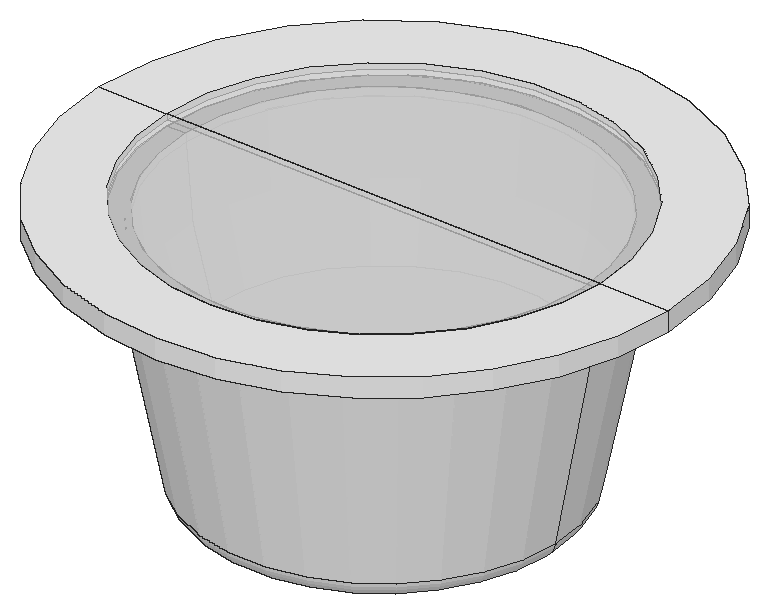
Revit family "2060562+2028036 Sylvania Lighting Fixture ASCENT 100 II ARCH 2700 3K DALI 160 with IP44 Frost Glass", category Lighting Fixtures, host Face, Revit 2016
Family settings
  Host = Face
  Part Type = Normal
  Round Connector Dimension = Use Diameter
  OmniClass Number = 23.80.70.11.17
  OmniClass Title = Specialized Lighting by Location or Use
  Cut with Voids When Loaded = No
  Light Source = Yes
  Shared = No
  Room Calculation Point = No
Parameters (values of type "2060562+2028036 ASCT100 II ARCH 2700 3K DALI 160 with IP44 Frost Glass")
  WidthBezelAcc_SYL = 25.0 mm
  Weight = "1.2 kg"
  Wattage = 21 W
  WarrantyStartDate [instance] = "n/a"
  WarrantyGuarantorParts = "n/a"
  WarrantyDurationUnit = "n/a"
  WarrantyDurationParts = "n/a"
  WarrantyDescription = "n/a"
  built-in parameter 1150110 = 1 (stored number, unit not read)
  Voltage = 0 V
  VisibilityAccessory_SYL = yes
  TypeName = "ASCENT 100 II ARCH 2700 3K DALI 160 with IP44 Frost Glass"
  built-in parameter 1114217 = 1 (stored number, unit not read)
  Tilt Angle = -90°
  built-in parameter 1150109 = 1 (stored number, unit not read)
  built-in parameter 1150134 = (empty or 0)
  built-in parameter 1150113 = 1 (stored number, unit not read)
  SerialNumber [instance] = "n/a"
  ReflectorRadius_SYL = Radius_SYL - 14.5 mm  # 80.0 mm
  RadiusAcc_SYL = 105.0 mm
  Radius_SYL = 94.5 mm
  URL = "http://www.sylvania-lighting.com"
  PowerFactor = 0
  PowerConsumption = "21 W"
  Photometric Web File = "2060562.ies"
  NominalWidth = 0.0 mm
  NominalLength = 0.0 mm
  NominalHeight = 94.0 mm
  Name = "ASCENT 100 II ARCH 2700 3K DALI 160 with IP44 Frost Glass"
  ModelReference = "ASCENT 100 II ARCH 2700 3K DALI 160 with IP44 Frost Glass"
  ModelNumber = "2060562+2028036"
  Material_4_SYL = none
  Material_3_SYL = Polycarbonate_Sylvania_Ascent_Opal
  Material_2_SYL = Aluminium_Sylvania_Ascent_Silver
  Material_1_SYL = Aluminum_Sylvania_Ascent_White
  Material = "aluminium housing, arcylic diffuser"
  ManufacturerName = "Feilo Sylvania"
  LuminousEfficacy = "126 lm/W"
  built-in parameter 1150105 = 210.56 (stored number, unit not read)
  Lumens = 2646 lm
  LuminaireType = ""
  built-in parameter 1150115 = 1 (stored number, unit not read)
  LightOutputRatio = "100"
  built-in parameter 1150137 = (empty or 0)
  built-in parameter 1150139 = (empty or 0)
  LampsType = Lamp  # "LED"
  LampNominalLuminous = "2649 lm"
  LampMacAdamStep = "3"
  LampColourTemperature = "3000 K"
  LampColourRenderingIndex = "80"
  built-in parameter 1150112 = 1 (stored number, unit not read)
  built-in parameter 1150114 = 1 (stored number, unit not read)
  Keynote = "16500"
  InstallationDate [instance] = "n/a"
  InputVoltage = "n/a"
  InputNominalFrequency = "n/a"
  built-in parameter 1150132 = (empty or 0)
  built-in parameter 1150102 = (empty or 0)
  built-in parameter 1150107 = 3000 (stored number, unit not read)
  built-in parameter 1150138 = (empty or 0)
  IngressProtection = "IP44"
  ImpactProtectionIndex = "IK02"
  built-in parameter 1150106 = 2.1056 (stored number, unit not read)
  IfcExportType = "IfcLightFixtureType"
  IfcExportAs = "IfcLightFixtureType"
  Height_SYL = 94.0 mm
  HeightAcc_SYL = 7.0 mm
  ExpectedLife = 50000
  EmittionSurface_SYL = if(VisibilityAccessory_SYL, 7.0 mm, 3.0 mm)  # 7.0 mm
  Emit from Circle Diameter = DiffuserRadius_SYL * 2  # 146.0 mm
  Emit Shape Visible in Rendering = no
  ElectricShockClassification = "Class II"
  built-in parameter 1150104 = 11.706 (stored number, unit not read)
  DurationUnit = "hours"
  DocumentationLiterature = "http://www.sylvania-lighting.com/product/en-int/products/2060562"
  DimmingControlOptions = "n/a"
  Dimming Lamp Color Temperature Shift = <None>
  DiffuserRadius_SYL = ReflectorRadius_SYL - 7.0 mm  # 73.0 mm
  Diameter_SYL = 2 * Radius_SYL  # 189.0 mm
  CutoutDiameter_SYL = Diameter_SYL - 13.0 mm  # 176.0 mm
  CreatedOn = "9/17/2018"
  CreatedBy = "@sylvania-lighting.com"
  Color Filter = 16777215
  built-in parameter 1114216 [instance] = 1 (stored number, unit not read)
  Model = "ASCENT 100 II ARCH 2700 3K DALI 160 with IP44 Frost Glass"
  Manufacturer = "Feilo Sylvania"
  Lamp = "LED"
  Description = "Direct LED retro fit for original LED 100 Arch (160) single CFL lamp offering Matching lumen levels and improved light distribution of original LED 100 CFL lamp equivalents Typically half the power consumption compared to CFL Up to 112lm/W 160mm aperture Architectural reflector accepts range of glass accessories from existing LED 100 Arch 160 offering HE, HO and VHO versions equivalent of single 1 x 18W, 1 x 32W, 1 x 42W\r\n Additional VVHO versions which offer the performance circa 2 x 32W equivalent"  # constant formula
  Default Elevation = 0.0 mm
  built-in parameter 1140040 [instance] = 1
  BarCode [instance] = "n/a"
  built-in parameter 1114218 = 1 (stored number, unit not read)
  built-in parameter 1150133 = 10 (stored number, unit not read)
  AssetType = "Fixed"
  AssetIdentifier [instance] = "n/a"
  Assembly Code = "D5020200"
  Apparent Load = 21 VA
  Aperture_SYL = 2 * ReflectorRadius_SYL  # 160.0 mm
Reference planes
  plane 1 "Center (Front/Back)": y = 0
  plane 2: z = 0
  plane 3 "Center (Left/Right)": x = 0
  plane 4 "Fixture Bottom": z = 3
  plane 5: z = -52.5
  plane 6 "Fixture Top": z = -91
  plane 7: x = -105
  plane 8: z = 7
  plane 9: x = -80
  plane 10: z = 5
  plane 11: x = -103
Forms (mm)
  Extrusion 1, solid, material "Aluminum_Sylvania_Ascent_White", detail levels fine
    sketch origin (0, 0, 0) x (1, 0, 0) y (0, 1, 0)
      loop
        circle (0, 0) r 94.5
      loop
        circle (0, 0) r 80
    from 0 to 3
  Extrusion 2, void
    sketch origin (0, 0, 0) x (1, 0, 0) y (0, 1, 0)
      loop
        circle (0, 0) r 88
    from -91 to 3
  Revolve 3, solid, material "Aluminum_Sylvania_Ascent_White" <- "Material_1_SYL", detail levels fine
    sketch origin (0, 0, 0) x (1, 0, 0) y (0, 0, 1)
      loop
        line (0, -91.073) -> (0, -89.023) -> (-55.468, -89.014)
        arc (-55.468, -89.014) -> (-59.352, -87.613) -> (-61.54, -84.139) r 6.307
        line (-61.54, -84.139) -> (-77.991, -2.844) -> (-77.991, 0) -> (-80, 0) -> (-80, -3) -> (-63.5, -84.536)
        arc (-63.5, -84.536) -> (-60.643, -89.203) -> (-55.5, -91.073) r 8.291
        line (-55.5, -91.073) -> (0, -91.073)
      axis (0, 0) -> (0, -91.073)
    angle from 0 to 360
  Revolve 4, solid, material "Aluminium_Sylvania_Ascent_Silver" <- "Material_2_SYL", detail levels fine
    sketch origin (0, 0, 0) x (1, 0, 0) y (0, 0, 1)
      loop
        line (-80, 3) -> (-80, 0) -> (-75, 0)
        arc (-75, 0) -> (-72.349, -26.77) -> (-64.5, -52.5) r 136.5
        line (-64.5, -52.5) -> (-58, -52.5)
        arc (-58, -52.5) -> (-56.857, -61.521) -> (-53.5, -69.971) r 36.166
        line (-53.5, -69.971) -> (0, -69.971) -> (0, -50.5) -> (-63.16, -50.5)
        arc (-63.16, -50.5) -> (-70.517, -25.725) -> (-73, 0) r 134.5
        line (-73, 0) -> (-73, 3) -> (-80, 3)
      axis (0, 3) -> (0, -69.971)
    angle from 0 to 360
  Extrusion 5, solid, material "Polycarbonate_Sylvania_Ascent_Opal" <- "Material_3_SYL", detail levels fine
    sketch origin (0, 0, 0) x (1, 0, 0) y (0, 1, 0)
      loop
        circle (0, 0) r 73
    from 0 to 3
  Revolve 6, solid, material "Aluminum_Sylvania_Ascent_White" <- "Material_1_SYL", detail levels coarse+medium
    sketch origin (0, 0, 0) x (1, 0, 0) y (0, 0, 1)
      loop
        line (0, -91.073) -> (0, 3) -> (-94.5, 3) -> (-94.5, 0) -> (-79.5, 0) -> (-79.5, -3) -> (-63, -84.536)
        arc (-63, -84.536) -> (-60.143, -89.203) -> (-55, -91.073) r 8.291
        line (-55, -91.073) -> (0, -91.073)
      axis (0, 3) -> (0, -91.073)
    angle from 0 to 360
  Revolve 7, solid, material "Aluminum_Sylvania_Ascent_White" <- "Material_1_SYL", visible <- "VisibilityAccessory_SYL"
    sketch origin (0, 0, 0) x (1, 0, 0) y (0, 0, 1)
      loop
        line (-105, 0) -> (-103, 0) -> (-103, 5) -> (-80, 5) -> (-80, 7) -> (-105, 7) -> (-105, 0)
      axis (0, 7) -> (0, 0)
    angle from 0 to 360
  Revolve 8, solid, material "Polycarbonate_Sylvania_Ascent_Opal" <- "Material_3_SYL", visible <- "VisibilityAccessory_SYL"
    sketch origin (0, 0, 0) x (1, 0, 0) y (0, 0, 1)
      loop
        line (-80, 7) -> (-80, 5) -> (0, 5) -> (0, 7) -> (-80, 7)
      axis (0, 7) -> (0, 5)
    angle from 0 to 360
Lines and regions (mm)
  reference lines
    curve 1: line (-150, 0, 7) -> (125, 0, 7)
Dimensions and locks
  locked: plane 4 "Fixture Bottom" to plane 2 at 3
  "Height_SYL": plane 4 "Fixture Bottom" to plane 6 "Fixture Top"
  "ReflectorRadius_SYL": plane 3 "Center (Left/Right)" to Revolve 4 sketch curve
  locked: Revolve 4 sketch curve to Revolve 4 sketch curve at 15.5
  locked: Revolve 4 sketch curve to Revolve 4 sketch curve at 5
  locked: Revolve 4 sketch curve to Revolve 4 sketch curve at 7
  locked: Revolve 4 sketch curve to Revolve 4 sketch curve at 22
  locked: Revolve 4 sketch curve to Revolve 4 sketch curve at 26.5
  locked: Revolve 3 sketch curve to Revolve 3 sketch curve at 16.5
  locked: Revolve 3 sketch curve to Revolve 3 sketch curve at 24.5
  "ReflectorRadius_SYL": Revolve 3 sketch curve to plane 3 "Center (Left/Right)"
  locked: Revolve 3 sketch curve to plane 6 "Fixture Top" at 6.464
  locked: plane 2 to Revolve 3 sketch curve at 3
  locked: Revolve 3 sketch curve to Revolve 3 sketch curve at 2
  locked: Revolve 3 sketch curve to Revolve 3 sketch curve at 2.009
  locked: plane 2 to plane 5 at 52.5
  locked: Revolve 6 sketch curve to Revolve 6 sketch curve at 31.5
  locked: Revolve 6 sketch curve to Revolve 6 sketch curve at 39.5
  locked: Revolve 6 sketch curve to Revolve 6 sketch curve at 15
  "Radius_SYL": plane 3 "Center (Left/Right)" to Revolve 6 sketch curve
  "RadiusAcc_SYL": plane 3 "Center (Left/Right)" to plane 7
  "HeightAcc_SYL": plane 8 to level
  "WidthBezelAcc_SYL": plane 7 to plane 9
  locked: plane 7 to plane 11 at 2
  locked: plane 8 to plane 10 at 2
  "EmittionSurface_SYL": curve 1 to level
  "CutoutDiameter_SYL": diameter of Extrusion 2 sketch curve
  "ReflectorRadius_SYL": radius of Extrusion 1 sketch curve
  "DiffuserRadius_SYL": radius of Extrusion 5 sketch curve
  "Radius_SYL": radius of Extrusion 1 sketch curve
  aligned and locked: host face to plane 2
  aligned and locked: host face to level
  aligned and locked: plane 4 "Fixture Bottom" to Extrusion 1
  aligned and locked: Extrusion 1 to plane 2
  aligned and locked: Revolve 3 sketch curve to plane 3 "Center (Left/Right)"
  aligned and locked: Revolve 4 sketch curve to plane 3 "Center (Left/Right)"  (x2)
  aligned and locked: plane 4 "Fixture Bottom" to Revolve 4 sketch curve
  aligned and locked: Extrusion 5 to plane 2
  aligned and locked: plane 2 to Revolve 3 sketch curve  (x2)
  aligned and locked: Revolve 6 sketch curve to plane 3 "Center (Left/Right)"
  aligned and locked: plane 6 "Fixture Top" to Extrusion 2
  aligned and locked: Revolve 7 sketch curve to plane 3 "Center (Left/Right)"
  aligned and locked: host face to Revolve 7 sketch curve  (x2)
  aligned and locked: Revolve 7 sketch curve to plane 7
  aligned and locked: plane 8 to Revolve 7 sketch curve
  aligned and locked: plane 9 to Revolve 7 sketch curve
  aligned and locked: Revolve 7 sketch curve to plane 10
  aligned and locked: plane 11 to Revolve 7 sketch curve
  aligned and locked: Revolve 7 to Revolve 8 sketch curve
  aligned and locked: Revolve 8 sketch curve to Revolve 7  (x2)
  aligned and locked: Revolve 8 sketch curve to plane 3 "Center (Left/Right)"  (x2)
  aligned and locked: plane 3 "Center (Left/Right)" to imposter light
  aligned and locked: imposter light to plane 1 "Center (Front/Back)"
  aligned and locked: imposter light to curve 1
Automatic sketch dimensions
  plane 1 "Center (Front/Back)" to Extrusion 2 sketch curve = 0.0 mm
  Extrusion 2 sketch curve to plane 3 "Center (Left/Right)" = 0.0 mm
  Extrusion 1 sketch curve to Extrusion 1 sketch curve = 0.0 mm  (x2)
  plane 1 "Center (Front/Back)" to Extrusion 1 sketch curve = 0.0 mm
  Extrusion 1 sketch curve to plane 3 "Center (Left/Right)" = 0.0 mm
  plane 6 "Fixture Top" to Revolve 3 sketch curve = 0.073 mm
  Revolve 3 sketch curve to plane 6 "Fixture Top" = 6.861 mm
  Revolve 3 sketch curve to Revolve 3 sketch curve = 0.003 mm
  Revolve 3 sketch curve to Revolve 3 sketch curve = 0.009 mm  (x2)
  Revolve 3 sketch curve to Revolve 3 sketch curve = 0.023 mm
  Revolve 3 sketch curve to Revolve 3 sketch curve = 0.072 mm
  Revolve 3 sketch curve to Revolve 3 sketch curve = 0.008 mm
  Revolve 3 sketch curve to plane 6 "Fixture Top" = 1.977 mm
  Revolve 3 sketch curve to Revolve 3 sketch curve = 33.496 mm
  Revolve 3 sketch curve to Revolve 3 sketch curve = 0.028 mm
  plane 4 "Fixture Bottom" to Revolve 3 sketch curve = 82.431 mm
  Revolve 4 sketch curve to Revolve 4 sketch curve = 0.0 mm  (x2)
  Revolve 4 sketch curve to plane 5 = 0.0 mm
  Revolve 4 sketch curve to level = 0.0 mm
  plane 5 to Revolve 4 sketch curve = 2.0 mm
  plane 4 "Fixture Bottom" to Revolve 4 sketch curve = 9.642 mm
  plane 1 "Center (Front/Back)" to Extrusion 5 sketch curve = 0.0 mm
  Extrusion 5 sketch curve to plane 3 "Center (Left/Right)" = 0.0 mm
  Revolve 4 sketch curve to level = 69.971 mm
  Revolve 4 sketch curve to Revolve 4 sketch curve = 2.387 mm
  Revolve 6 sketch curve to level = 0.0 mm
  Revolve 6 sketch curve to plane 3 "Center (Left/Right)" = 0.0 mm
  Revolve 6 sketch curve to Revolve 6 sketch curve = 8.104 mm
  Revolve 6 sketch curve to level = 3.0 mm
  Revolve 6 sketch curve to plane 6 "Fixture Top" = 6.464 mm
  plane 6 "Fixture Top" to Revolve 6 sketch curve = 0.073 mm
  Revolve 6 sketch curve to Revolve 6 sketch curve = 33.496 mm
  plane 4 "Fixture Bottom" to Revolve 6 sketch curve = 82.431 mm
  host sketch curve to host sketch curve = 1704.996 mm
  host sketch curve to host sketch curve = 1500.0 mm
  plane 6 "Fixture Top" to Revolve 7 sketch curve = 281.274 mm
  Revolve 7 sketch curve to plane 8 = 1140.706 mm
  plane 6 "Fixture Top" to Revolve 8 sketch curve = 281.274 mm
  Revolve 8 sketch curve to Revolve 8 sketch curve = 1140.706 mm
  Revolve 3 sketch curve to plane 3 "Center (Left/Right)" = 0.0 mm
  Revolve 6 sketch curve to plane 4 "Fixture Bottom" = 0.0 mm
  plane 7 to curve 1 = 45.0 mm
  plane 3 "Center (Left/Right)" to curve 1 = 125.0 mm
Connectors
  electrical at (0, 0, -91.073), driven by "Apparent Load"
    settings: on Revolve 3, index 1, voltage 240 V, apparent load 0 VA, apparent load phase1 21 VA, apparent load phase2 0 VA, apparent load phase3 0 VA, power factor 1, load classification "Lighting", number of poles 1, system type 31, power factor state 1, is connector primary yes, connector utility no, sub classification motor no, connector description ""
